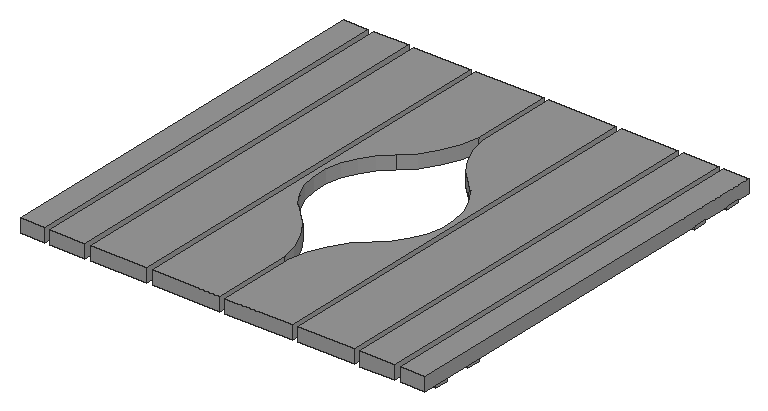
Revit family "15525 Приствольная решетка «Самба» Хоббика", category Антураж, Revit 2018
Family settings
  На основе рабочей плоскости = Нет
  Всегда вертикально = Да
  При загрузке вырезать с полостями = Нет
  Источник визуального образа = Геометрия семейства
  Общий = Нет
  Точка расчета площади = Нет
Parameters (values of type "Приствольная решетка «Самба»")
  Ширина = 1500 mm  # constant formula
  Цвет каркаса = Сталь
  Описание = "Приствольная решетка «Самба»"  # constant formula
  Материал изделия = "Сталь"  # constant formula
  Изображение типоразмера = Приствольная решетка «Самба» Арт 15525.jpg
  Изготовитель = "ООО «Хоббика»"  # constant formula
  Длина = 1500 mm  # constant formula
  Группа модели = "Решётки для деревьев"  # constant formula
  Высота = 50 mm  # constant formula
  Артикул товара = "Арт. 15525"  # constant formula
  URL = "https://hobbyka.ru/product/pristvolnaya_reshetka_samba"
Reference planes
  plane 1 "По центру (Вперед/Назад)": y = 0
  plane 2: z = 0
  plane 3 "По центру (Влево/Вправо)": x = 0
  plane 4: x = 1500
  plane 5: y = 1500
  plane 6: z = 50
Forms (mm)
  Extrusion 1, solid, material "Сталь" <- "Цвет каркаса"
    sketch origin (0, 0, 0) x (1, 0, 0) y (0, 1, 0)
      loop
        line (0, 1500) -> (0, 0) -> (90, 0) -> (90, 1500) -> (0, 1500)
      loop
        line (110, 0) -> (240, 0) -> (240, 1500) -> (110, 1500) -> (110, 0)
      loop
        line (260, 0) -> (470, 0) -> (470, 1500) -> (260, 1500) -> (260, 0)
      loop
        line (490, 0) -> (740, 0) -> (740, 299.417)
        arc (740, 299.417) -> (699.329, 426.365) -> (614.051, 528.823) r 349.2
        arc (614.051, 528.823) -> (509.087, 750) -> (614.051, 971.177) r 285.512
        arc (614.051, 971.177) -> (699.329, 1073.635) -> (740, 1200.583) r 349.2
        line (740, 1200.583) -> (740, 1500) -> (490, 1500) -> (490, 0)
      loop
        line (1500, 1500) -> (1410, 1500) -> (1410, 0) -> (1500, 0) -> (1500, 1500)
      loop
        line (1390, 0) -> (1390, 1500) -> (1260, 1500) -> (1260, 0) -> (1390, 0)
      loop
        line (1240, 0) -> (1240, 1500) -> (1030, 1500) -> (1030, 0) -> (1240, 0)
      loop
        line (1010, 0) -> (1010, 1500) -> (760, 1500) -> (760, 1200.583)
        arc (760, 1200.583) -> (800.671, 1073.635) -> (885.949, 971.177) r 349.2
        arc (885.949, 971.177) -> (990.913, 750) -> (885.949, 528.823) r 285.512
        arc (885.949, 528.823) -> (800.671, 426.365) -> (760, 299.417) r 349.2
        line (760, 299.417) -> (760, 0) -> (1010, 0)
    from 0 to 50
  Extrusion 2, solid, material "Сталь" <- "Цвет каркаса"
    sketch origin (0, 0, 0) x (1, 0, 0) y (0, 1, 0)
      loop
        line (0, 1450) -> (0, 1400) -> (1500, 1400) -> (1500, 1450) -> (0, 1450)
      loop
        line (0, 1300) -> (0, 1250) -> (1500, 1250) -> (1500, 1300) -> (0, 1300)
      loop
        line (0, 50) -> (1500, 50) -> (1500, 100) -> (0, 100) -> (0, 50)
      loop
        line (0, 200) -> (1500, 200) -> (1500, 250) -> (0, 250) -> (0, 200)
    from 0 to -10
Dimensions and locks
  "Длина": plane 3 "По центру (Влево/Вправо)" to plane 4
  "Ширина": plane 5 to plane 1 "По центру (Вперед/Назад)"
  "Высота": plane 6 to plane 2
  aligned and locked: level to plane 2
Automatic sketch dimensions
  plane 1 "По центру (Вперед/Назад)" to Extrusion 1 sketch curve = 0 mm  (x8)
  Extrusion 1 sketch curve to plane 3 "По центру (Влево/Вправо)" = 0 mm
  Extrusion 1 sketch curve to plane 5 = 0 mm  (x8)
  Extrusion 1 sketch curve to plane 4 = 0 mm
  plane 3 "По центру (Влево/Вправо)" to Extrusion 1 sketch curve = 90 mm
  Extrusion 1 sketch curve to Extrusion 1 sketch curve = 20 mm  (x8)
  Extrusion 1 sketch curve to Extrusion 1 sketch curve = 130 mm
  Extrusion 1 sketch curve to Extrusion 1 sketch curve = 133.228 mm  (x2)
  Extrusion 1 sketch curve to Extrusion 1 sketch curve = 210 mm  (x2)
  Extrusion 1 sketch curve to Extrusion 1 sketch curve = 250 mm  (x2)
  Extrusion 1 sketch curve to Extrusion 1 sketch curve = 89.198 mm
  Extrusion 1 sketch curve to Extrusion 1 sketch curve = 76.772 mm  (x2)
  Extrusion 1 sketch curve to Extrusion 1 sketch curve = 110 mm
  Extrusion 1 sketch curve to plane 1 "По центру (Вперед/Назад)" = 258.309 mm
  Extrusion 1 sketch curve to Extrusion 1 sketch curve = 0 mm  (x7)
  Extrusion 1 sketch curve to plane 5 = 258.309 mm  (x2)
  Extrusion 1 sketch curve to Extrusion 1 sketch curve = 91.35 mm  (x4)
  Extrusion 2 sketch curve to plane 3 "По центру (Влево/Вправо)" = 0 mm  (x4)
  Extrusion 2 sketch curve to plane 4 = 0 mm  (x4)
  Extrusion 2 sketch curve to plane 1 "По центру (Вперед/Назад)" = 50 mm
  Extrusion 2 sketch curve to Extrusion 2 sketch curve = 50 mm  (x4)
  Extrusion 2 sketch curve to Extrusion 2 sketch curve = 100 mm  (x2)
  Extrusion 2 sketch curve to plane 5 = 250 mm
